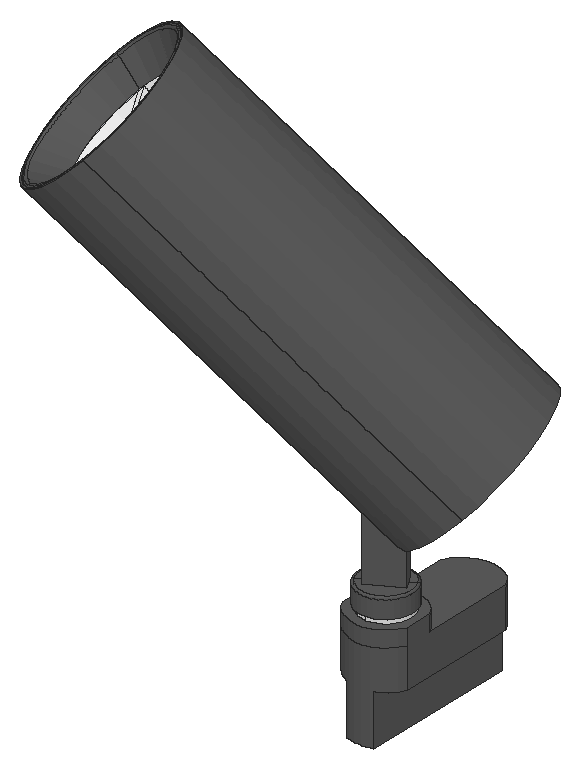
Revit family "0005451", category Lighting Fixtures, host Face, Revit 2017
Family settings
  Host = Face
  Round Connector Dimension = Use Diameter
  Part Type = Normal
  OmniClass Number = 23.80.70.00
  OmniClass Title = Lighting
  Cut with Voids When Loaded = No
  Light Source = No
  Shared = No
  Room Calculation Point = No
Parameters (values of type "0005451 PIXO LARGE 5200LM 940 NB MB WB BLK - 24 degree")
  Weight = "7.476 kg"
  Wattage Comments = ""
  WarrantyStartDate [instance] = "n/a"
  WarrantyGuarantorParts = "n/a"
  WarrantyDurationUnit = "n/a"
  WarrantyDurationParts = "n/a"
  WarrantyDescription = "n/a"
  Voltage = 0 V
  VerticalRotation_SYL [instance] = 60.00°
  VerticalEndAngle_SYL [instance] = VerticalRotation_SYL - 180.00°  # -120.00°
  URL = "http://www.sylvania-lighting.com"
  TypeName = "Pixo Large 5200lm 940 NB MB WB BLK"
  TypeHead_SYL = START Track Spot Integral Head : 0005451 24
  TypeArm_SYL = START Track Spot Integral Arm : START Track Spot Integral BL
  Type Image = <None>
  Type Comments = "n/a"
  SerialNumber [instance] = "n/a"
  Material_3_SYL = none
  PowerFactor = 0.9
  PowerConsumption = "54 W"
  NominalLength = 300 mm
  NominalHeight = 303 mm
  NominalDepth = 96 mm
  Name = "Pixo Large 5200lm 940 NB MB WB BLK"
  ModelReference = Name  # "Pixo Large 5200lm 940 NB MB WB BLK"
  ModelNumber = "0005451"
  Model = Name  # "Pixo Large 5200lm 940 NB MB WB BLK"
  Material = "n/a"
  ManufacturerName = "Feilo Sylvania"
  Manufacturer = "Feilo Sylvania"
  LuminousEfficacy = "97 lm/W"
  LuminaireType = ""
  LightOutputRatio = "n/a"
  LampsType = Lamp  # "LED"
  LampNominalLuminous = "5250 lm"
  LampMacAdamStep = "5"
  LampColourTemperature = "4000 K"
  LampColourRenderingIndex = "90"
  Lamp = "LED"
  Keynote = "16500"
  InstallationDate [instance] = "n/a"
  InputVoltage = "n/a"
  InputNominalFrequency = "n/a"
  IngressProtection = "IP20"
  ImpactProtectionIndex = "IK03"
  IfcExportType = "IfcLightFixtureType"
  IfcExportAs = "IfcLightFixtureType"
  HorizontalRotation_SYL [instance] = 45.00°
  ExpectedLife = 50000
  ElectricShockClassification = "Class I"
  DurationUnit = "hours"
  DocumentationLiterature = "http://www.sylvania-lighting.com/product/en-int/products/0005451"
  DimmingControlOptions = "n/a"
  Material_2_SYL = Spacer-Sylvania-StartTrackSpot-Aluminium
  Description = "Integrated LED spotlight, Textured Black - RAL9005, simple and slick integral design with no driver box and without any visible screws, ideal for retail applications, die-cast aluminium body, passive cooling heatsink. Beam angle: 36°, additional lenses 24° and 54° beam angle included, color temperature: 4000k , total system power: 54W, total fixture output: 5250 lm, LOR: 100%, colour rendering: Ra: 90 typical, LED Chromaticity: 3 step MacAdam ellipse, lifetime: >50000 hours at L70B50, energy class: A++, A+, A, IR/UV free light source without heat radiation, operating voltage: 220-240V / 50-60Hz, electronic driver, non-dimmable, ultra low LED flickering rate (5% or less), power factor: >0.90, electrical protection: Class I, Global Track 3 Circuit GA69 adapter suitable for Global trac 3-circuit tracks, ingress protection rating: IP20, suitable for internal environment only, horizontal rotation: 345°, vertical tilt: 90°, dimensions: Ø91x96x300, weight: 1,246kg."
  Default Elevation = 1219.2 mm
  CreatedOn = "9/9/2020"
  CreatedBy = "@sylvania-lighting.com"
  Cost = 0
  built-in parameter 1114216 [instance] = (empty or 0)
  ClassificationValue = "EF_70_80"
  ClassificationName = "Uniclass2015"
  Material_1_SYL = Body-Sylvania-StartTrackSpot-Black
  BarCode [instance] = "n/a"
  AssetType = "Fixed"
  AssetIdentifier [instance] = "n/a"
  Assembly Code = "D5020200"
  Apparent Load = 54 VA
  Material_4_SYL = none
Reference planes
  plane 1 "Center (Front/Back)": y = 0
  plane 2: z = 0
  plane 3 "Center (Left/Right)": x = 0
  plane 4: x = 16.6
  plane 5: x = -16.6
  plane 6: x = 7
  plane 7: x = -7
  plane 8: x = -12.8
  plane 9: y = 42
  plane 10: y = 42
  plane 11: y = -42
  plane 12: y = 31.4
  plane 13: y = -31.4
  plane 14: z = -26
  plane 15: z = 20.3
  plane 16: z = 28.5
  plane 17: z = 31.2
  plane 18: y = -17.4
  plane 19: y = -6.8
  plane 20: y = -24.4
Forms (mm)
  Extrusion 1, solid, material "Body-Sylvania-StartTrackSpot-Black" <- "Material_1_SYL"
    sketch origin (0, 0, 0) x (1, 0, 0) y (0, 1, 0)
      loop
        line (-16.6, 31.4) -> (-16.6, -31.4)
        arc (-16.6, -31.4) -> (0, -42) -> (16.6, -31.4) r 18.298
        line (16.6, -31.4) -> (16.6, 31.4)
        arc (16.6, 31.4) -> (0, 42) -> (-16.6, 31.4) r 18.298
    from -26 to 20.3
  Extrusion 2, void
    sketch origin (0, 0, 0) x (1, 0, 0) y (0, 1, 0)
      loop
        arc (-7, 40.608) -> (-12.666, 36.907) -> (-16.6, 31.4) r 18.298
        line (-16.6, 31.4) -> (-16.6, -31.4)
        arc (-16.6, -31.4) -> (-12.666, -36.907) -> (-7, -40.608) r 18.298
        line (-7, -40.608) -> (-7, 40.608)
      loop
        line (16.6, -31.4) -> (16.6, 31.4)
        arc (16.6, 31.4) -> (12.666, 36.907) -> (7, 40.608) r 18.298
        line (7, 40.608) -> (7, -40.608)
        arc (7, -40.608) -> (12.666, -36.907) -> (16.6, -31.4) r 18.298
    from 0 to -26
  Extrusion 3, solid, material "Body-Sylvania-StartTrackSpot-Black" <- "Material_1_SYL"
    sketch origin (1223.4, -4572, 20.3) x (0, -1, 0) y (-1, 0, 0)
      loop
        line (-4540.6, 1240) -> (-4554.6, 1240)
        arc (-4554.6, 1240) -> (-4565.2, 1223.4) -> (-4554.6, 1206.8) r 18.298
        line (-4554.6, 1206.8) -> (-4540.6, 1206.8)
        arc (-4540.6, 1206.8) -> (-4530, 1223.4) -> (-4540.6, 1240) r 18.298
    from -8.2 to 0
  Extrusion 4, solid, material "Spacer-Sylvania-StartTrackSpot-Aluminium" <- "Material_2_SYL"
    sketch origin (1223.4, -4572, 28.5) x (0, -1, 0) y (-1, 0, 0)
      loop
        circle (-4547.6, 1223.4) r 12.7
    from 0 to -2.7
  Revolve 5, solid, not visible
    sketch origin (1524, -24.4, 1219.2) x (1, 0, 0) y (0, 0, 1)
      loop
        line (-1524, -1188) -> (-1524, -1168.735) -> (-1531, -1168.735) -> (-1531, -1188) -> (-1524, -1188)
      axis (-1524, -1168.735) -> (-1524, -1188)
    angle from 60 <- "VerticalRotation_SYL" to -120 <- "VerticalEndAngle_SYL"
Cuts and joins
  Extrusion 2 cuts Extrusion 1
  joined: Extrusion 1, Extrusion 3
Lines and regions (mm)
  reference lines
    curve 1: circle (0, -24.4, 0) r 12.7 normal (0, 0, 1)
    curve 2: arc (-16.6, -31.4, 0) -> (0, -42, 0) -> (16.6, -31.4, 0) r 18.298
    curve 3: arc (-16.6, -17.4, 0) -> (0, -6.8, 0) -> (16.6, -17.4, 0) r 18.298
    curve 4: arc (-16.6, 31.4, 0) -> (0, 42, 0) -> (16.6, 31.4, 0) r 18.298
Dimensions and locks
  plane 6 to plane 3 "Center (Left/Right)" to plane 7 = 7 mm locked, 7 mm locked
  plane 4 to plane 3 "Center (Left/Right)" to plane 5 = 16.6 mm locked, 16.6 mm locked
  locked: plane 3 "Center (Left/Right)" to plane 8 at 12.8
  plane 11 to plane 1 "Center (Front/Back)" to plane 10 = 42 mm locked, 42 mm locked
  plane 13 to plane 1 "Center (Front/Back)" to plane 12 = 31.4 mm locked, 31.4 mm locked
  locked: plane 2 to plane 14 at 26
  locked: plane 15 to plane 2 at 20.3
  plane 17 to plane 16 to plane 15 = 2.7 mm locked, 8.2 mm locked
  locked: plane 13 to plane 18 at 14
  locked: plane 18 to plane 19 at 10.6
  equal spacing: plane 13, plane 20, plane 18
  locked: plane 20 to curve 2 at 0.698
  locked: curve 3 to plane 20 at 0.698
  aligned and locked: plane 2 to host face
  aligned and locked: level to host face
  aligned and locked: plane 3 "Center (Left/Right)" to curve 1
  aligned and locked: plane 20 to curve 1
  aligned and locked: plane 13 to curve 2  (x2)
  aligned and locked: plane 18 to curve 3  (x2)
  aligned and locked: plane 12 to curve 4  (x2)
  aligned and locked: plane 4 to curve 4
  aligned and locked: plane 3 "Center (Left/Right)" to curve 4
  aligned and locked: plane 5 to curve 2
  aligned and locked: plane 5 to curve 3
  aligned and locked: plane 4 to curve 3
  aligned and locked: plane 4 to curve 2
  aligned and locked: plane 12 to Extrusion 1 sketch curve
  aligned and locked: plane 13 to Extrusion 1 sketch curve
  aligned and locked: Extrusion 1 sketch curve to curve 4
  aligned and locked: Extrusion 1 sketch curve to curve 2
  aligned and locked: Extrusion 1 to plane 15
  aligned and locked: plane 14 to Extrusion 1
  aligned and locked: Extrusion 2 sketch curve to Extrusion 1  (x5)
  aligned and locked: Extrusion 2 sketch curve to plane 7
  aligned and locked: plane 14 to Extrusion 2
  aligned and locked: level to Extrusion 2
  aligned and locked: Extrusion 3 sketch curve to cut or joined group of Extrusion 1, Extrusion 2, Extrusion 3  (x2)
  aligned and locked: Extrusion 3 sketch curve to curve 3
  aligned and locked: cut or joined group of Extrusion 1, Extrusion 2, Extrusion 3 to Extrusion 3 sketch curve
  aligned and locked: Extrusion 3 to plane 16
  aligned and locked: plane 15 to Extrusion 3
  aligned and locked: Extrusion 4 sketch curve to curve 1
  aligned and locked: Extrusion 4 to plane 17
  aligned and locked: plane 16 to Extrusion 4
  aligned and locked: Revolve 5 sketch curve to plane 3 "Center (Left/Right)"
  aligned and locked: Extrusion 4 to Revolve 5 sketch curve
  aligned and locked: Revolve 5 sketch curve to Extrusion 4
  aligned and locked: plane 17 to nested 1
Automatic sketch dimensions
  host sketch curve to host sketch curve = 2438.4 mm  (x2)
  plane 12 to curve 4 = 7.698 mm
  plane 12 to Extrusion 2 sketch curve = 0 mm
  Extrusion 2 sketch curve to Extrusion 2 sketch curve = 0 mm  (x2)
  Extrusion 2 sketch curve to plane 6 = 0 mm
  Revolve 5 sketch curve to plane 7 = 0 mm
  Revolve 5 sketch curve to Revolve 5 sketch curve = 19.265 mm
  plane 14 to Revolve 5 sketch curve = 583.6 mm
  Revolve 5 sketch curve to Revolve 5 sketch curve = 2558.594 mm
  radius of curve 1 = 12.7 mm
Nested families
  nested 1: "START Track Spot Integral Arm" at (0, -24.4, 31.2) x (0, 0, -1) z (0.866, 0.5, 0), type <- "TypeArm_SYL", HorizontalRotation_SYL <- "HorizontalRotation_SYL", type "START Track Spot Integral BL"
    with HorizontalRotation_SYL 45.00°, HorizontalEndAngle_SYL -135.00°
  nested 2: "START Track Spot Integral Head" at (22.045, -11.672, 108.656) x (-0.5, 0.866, 0) z (0.6124, 0.3536, -0.7071), type <- "TypeHead_SYL", type "0005451 24"
    with built-in parameter 1114216 (empty or 0)
Connectors
  electrical at (0, 0, 0), driven by "Apparent Load", driven by "PowerFactor", driven by "Voltage"
    settings: index 1, voltage 0 V, apparent load 54 VA, apparent load phase1 0 VA, apparent load phase2 0 VA, apparent load phase3 0 VA, power factor 0.9, load classification "Lighting", number of poles 1, system type 30, power factor state 1, is connector primary yes, connector utility no, sub classification motor no, connector description ""
Definition of nested family "START Track Spot Integral Arm"
  Parameters (values of type "START Track Spot Integral WH")
    URL = "http://www.sylvania-lighting.com"
    Type Image = (empty or 0)
    Type Comments = "n/a"
    Material_3_SYL = none
    Model = ""
    Manufacturer = "Feilo Sylvania"
    Keynote = ""
    Material_2_SYL = none
    HorizontalRotation_SYL [instance] = 0.00°
    HorizontalEndAngle_SYL [instance] = HorizontalRotation_SYL - 180.00°  # -180.00°
    Description = ""
    Default Elevation = 1219.2 mm
    Cost = 0
    Material_1_SYL = none
    Assembly Code = ""
    Material_4_SYL = none
  Types (2): name
    START Track Spot Integral WH
    START Track Spot Integral BL
  Reference planes
    plane 1 "Center (Front/Back)": y = 0
    plane 2: z = 0
    plane 3 "Center (Left/Right)": x = 0
    plane 4: x = -10
    plane 5: z = -14
    plane 6: z = -14
    plane 7: z = 14
    plane 8: x = -52
    plane 9: z = 9
    plane 10: z = -9
    plane 11: x = -60
    plane 12: y = 4.5
    plane 13: y = -4.5
    plane 14: x = -9
    plane 15: z = 13
    plane 16: z = 4
    plane 17: z = -4
    plane 18: x = -55
  Forms (mm)
    Extrusion 1, solid
      sketch origin (4.2, 0, 0) x (1, 0, 0) y (0, 1, 0)
        loop
          line (-1219.2, 1219.2) -> (-1219.2, -1219.2) -> (1219.2, -1219.2) -> (1219.2, 1219.2) -> (-1219.2, 1219.2)
      from 0 to -68.017
    Revolve 2, solid, material <- "Material_1_SYL"
      sketch origin (0, 0, 0) x (1, 0, 0) y (0, 0, 1)
        loop
          line (0, 0) -> (0, 14) -> (-9, 14)
          arc (-9, 14) -> (-9.707, 13.707) -> (-10, 13) r 1
          line (-10, 13) -> (-10, 0) -> (0, 0)
        axis (-10, 0) -> (0, 0)
      angle from 360 to 0
    Extrusion 3, solid, material <- "Material_1_SYL"
      sketch origin (0, 0, 0) x (1, 0, 0) y (0, 0, 1)
        loop
          line (-10, 9) -> (-55, 9)
          arc (-55, 9) -> (-58.536, 7.536) -> (-60, 4) r 5
          line (-60, 4) -> (-60, -4)
          arc (-60, -4) -> (-58.536, -7.536) -> (-55, -9) r 5
          line (-55, -9) -> (-10, -9) -> (-10, 9)
      from -4.5 to 4.5
    Revolve 4, solid, not visible
      sketch origin (-52, -4572, 2609.058) x (0, 0, 1) y (0, -1, 0)
        loop
          line (-2609.058, -4553.46) -> (-2609.058, -4590.54) -> (-2605.058, -4590.54) -> (-2605.058, -4553.46) -> (-2609.058, -4553.46)
        axis (-2609.058, -4553.46) -> (-2609.058, -4590.54)
      angle from 0 <- "HorizontalRotation_SYL" to -180 <- "HorizontalEndAngle_SYL"
  Dimensions and locks
    locked: plane 3 "Center (Left/Right)" to plane 4 at 10
    plane 7 to plane 2 to plane 6 = 14 mm locked, 14 mm locked
    locked: plane 4 to plane 8 at 42
    plane 13 to plane 1 "Center (Front/Back)" to plane 12 = 4.5 mm locked, 4.5 mm locked
    locked: plane 14 to plane 4 at 1
    locked: plane 7 to plane 15 at 1
    locked: plane 9 to plane 16 at 5
    locked: plane 17 to plane 10 at 5
    equal spacing: Revolve 4 sketch curve, plane 1 "Center (Front/Back)", Revolve 4 sketch curve
    locked: Revolve 4 sketch curve to plane 1 "Center (Front/Back)" at 18.54
    locked: plane 18 to plane 11 at 5
    locked: plane 4 to plane 11 at 50
    aligned and locked: plane 2 to Extrusion 1
    aligned and locked: level to Extrusion 1
    aligned and locked: level to Revolve 2 sketch curve  (x2)
    aligned and locked: plane 3 "Center (Left/Right)" to Revolve 2 sketch curve
    aligned and locked: Revolve 2 sketch curve to plane 7
    aligned and locked: plane 4 to Revolve 2 sketch curve
    aligned and locked: plane 15 to Revolve 2 sketch curve
    aligned and locked: plane 14 to Revolve 2 sketch curve
    aligned and locked: Revolve 2 sketch curve to plane 2
    aligned and locked: Extrusion 3 sketch curve to plane 9
    aligned and locked: plane 4 to Extrusion 3 sketch curve
    aligned and locked: plane 10 to Extrusion 3 sketch curve
    aligned and locked: Extrusion 3 sketch curve to plane 11
    aligned and locked: plane 13 to Extrusion 3
    aligned and locked: Extrusion 3 to plane 12
    aligned and locked: plane 16 to Extrusion 3 sketch curve
    aligned and locked: plane 17 to Extrusion 3 sketch curve
    aligned and locked: Revolve 4 sketch curve to level
    aligned and locked: Revolve 4 sketch curve to plane 16
    aligned and locked: Revolve 4 sketch curve to plane 2
    aligned and locked: plane 18 to Extrusion 3 sketch curve  (x2)
Definition of nested family "START Track Spot Integral Head"
  Parameters (values of type "0005451 24")
    WidthCutOut_SYL = 9.5 mm  # constant formula
    Wattage Comments = "n/a"
    Wattage = 55 W
    built-in parameter 1150110 = 1 (stored number, unit not read)
    URL = "http://www.sylvania-lighting.com"
    Type Image = (empty or 0)
    Type Comments = "n/a"
    built-in parameter 1114217 = 1 (stored number, unit not read)
    Tilt Angle = 90.00°
    built-in parameter 1150109 = 1 (stored number, unit not read)
    built-in parameter 1150134 = 12
    built-in parameter 1150113 = 1 (stored number, unit not read)
    S_SYL = no
    RadiusLensOut_SYL = if(S_SYL, 21 mm, if(M_SYL, 30.5 mm, 33 mm))  # 33 mm
    RadiusLensHolder_SYL = 1.8 mm  # constant formula
    RadiusHead_SYL = if(S_SYL, 30 mm, if(M_SYL, 40 mm, 45.5 mm))  # 45.5 mm
    RadiusEmission_SYL = if(S_SYL, 8 mm, if(M_SYL, 16.5 mm, 16.5 mm))  # 16.5 mm
    Photometric Web File = "0005451_24.ies"
    built-in parameter 1150142 = "IESNA:LM-63-2002\r\n[TEST] 202010561\r\n[TESTLAB] \r\n[TESTDATE] 4 Jun 2020\r\n[ISSUEDATE] 4 Jun 2020\r\n[MANUFAC] Sylvania\r\n[LUMCAT] 202010561\r\n[LUMINAIRE] FT1081-B-4000£¨24¡ã£©\r\n[FLASHAREA] 0.001373\r\n[LAMPCAT] 202010561\r\n[LAMP] LED 54W - 50.49 W\r\nTILT=NONE\r\n1 4807.40 1.0 181 4 1 2 -0.085 -0.085 0.000\r\n1.00 1.00 50.49\r\n0.00 1.00 2.00 3.00 4.00 5.00 6.00 7.00 8.00 9.00 10.00 \r\n11.00 12.00 13.00 14.00 15.00 16.00 17.00 18.00 19.00 \r\n20.00 21.00 22.00 23.00 24.00 25.00 26.00 27.00 28.00 \r\n29.00 30.00 31.00 32.00 33.00 34.00 35.00 36.00 37.00 \r\n38.00 39.00 40.00 41.00 42.00 43.00 44.00 45.00 46.00 \r\n47.00 48.00 49.00 50.00 51.00 52.00 53.00 54.00 55.00 \r\n56.00 57.00 58.00 59.00 60.00 61.00 62.00 63.00 64.00 \r\n65.00 66.00 67.00 68.00 69.00 70.00 71.00 72.00 73.00 \r\n74.00 75.00 76.00 77.00 78.00 79.00 80.00 81.00 82.00 \r\n83.00 84.00 85.00 86.00 87.00 88.00 89.00 90.00 91.00 \r\n92.00 93.00 94.00 95.00 96.00 97.00 98.00 99.00 100.00 \r\n101.00 102.00 103.00 104.00 105.00 106.00 107.00 108.00 \r\n109.00 110.00 111.00 112.00 113.00 114.00 115.00 116.00 \r\n117.00 118.00 119.00 120.00 121.00 122.00 123.00 124.00 \r\n125.00 126.00 127.00 128.00 129.00 130.00 131.00 132.00 \r\n133.00 134.00 135.00 136.00 137.00 138.00 139.00 140.00 \r\n141.00 142.00 143.00 144.00 145.00 146.00 147.00 148.00 \r\n149.00 150.00 151.00 152.00 153.00 154.00 155.00 156.00 \r\n157.00 158.00 159.00 160.00 161.00 162.00 163.00 164.00 \r\n165.00 166.00 167.00 168.00 169.00 170.00 171.00 172.00 \r\n173.00 174.00 175.00 176.00 177.00 178.00 179.00 180.00 \r\n0.00 30.00 60.00 90.00 \r\n16579.71 18245.88 17972.35 17367.36 16585.44 15579.78 \r\n14562.99 13511.33 12483.70 11564.41 10676.25 9899.38 \r\n9107.12 8370.09 7623.02 6922.93 6273.97 5601.09 5021.18 \r\n4423.12 3891.10 3388.92 2929.66 2554.91 2221.03 1954.46 \r\n1721.99 1528.62 1343.36 1191.70 1058.82 933.84 826.87 \r\n725.01 640.27 563.25 498.93 441.99 391.83 352.32 317.28 \r\n284.22 258.56 236.83 219.01 202.11 189.15 176.59 165.41 \r\n156.24 147.67 140.37 133.35 127.45 122.06 117.27 112.60 \r\n108.31 104.36 99.98 95.14 90.52 86.66 82.38 77.08 70.97 \r\n64.82 57.25 50.97 46.16 40.92 34.96 29.81 25.14 20.33 \r\n16.84 14.14 11.49 8.86 6.64 4.47 2.57 0.98 0.24 0.05 0.03 \r\n0.03 0.03 0.03 0.03 0.03 0.03 0.03 0.03 0.03 0.03 0.03 \r\n0.04 0.04 0.04 0.04 0.05 0.05 0.06 0.06 0.07 0.07 0.09 \r\n0.09 0.09 0.10 0.00 0.00 0.00 0.00 0.00 0.00 0.00 0.00 \r\n0.00 0.00 0.00 0.00 0.00 0.00 0.00 0.00 0.00 0.00 0.00 \r\n0.00 0.00 0.00 0.00 0.00 0.00 0.00 0.00 0.00 0.00 0.00 \r\n0.00 0.00 0.00 0.00 0.00 0.00 0.00 0.00 0.00 0.00 0.00 \r\n0.00 0.00 0.00 0.00 0.00 0.00 0.00 0.00 0.00 0.00 0.00 \r\n0.00 0.00 0.00 0.00 0.00 0.00 0.00 0.00 0.00 0.00 0.00 \r\n0.00 0.00 0.00 0.00 0.00 0.00 0.00 \r\n16579.71 17535.20 17184.80 16635.50 15959.15 15133.93 \r\n14213.94 13284.72 12342.75 11459.17 10617.98 9807.43 \r\n9029.93 8282.51 7559.11 6861.07 6188.08 5541.91 4926.33 \r\n4351.99 3823.69 3362.81 2954.89 2572.03 2244.07 1963.98 \r\n1721.50 1518.54 1346.18 1190.03 1056.90 933.65 824.81 \r\n727.57 639.83 565.32 497.14 439.47 390.71 345.78 310.40 \r\n278.28 251.97 230.34 211.62 195.64 181.39 169.27 158.70 \r\n149.29 140.88 133.57 127.25 121.42 116.47 111.92 107.58 \r\n103.43 99.33 95.40 91.74 88.16 84.06 79.34 75.10 70.18 \r\n63.30 57.76 52.05 45.53 39.96 35.29 30.32 25.03 21.33 \r\n17.65 14.13 11.47 9.05 6.61 4.55 2.89 1.70 0.83 0.24 0.06 \r\n0.03 0.03 0.03 0.03 0.03 0.03 0.03 0.03 0.04 0.04 0.04 \r\n0.04 0.04 0.04 0.05 0.05 0.06 0.06 0.07 0.07 0.08 0.09 \r\n0.09 0.10 0.10 0.00 0.00 0.00 0.00 0.00 0.00 0.00 0.00 \r\n0.00 0.00 0.00 0.00 0.00 0.00 0.00 0.00 0.00 0.00 0.00 \r\n0.00 0.00 0.00 0.00 0.00 0.00 0.00 0.00 0.00 0.00 0.00 \r\n0.00 0.00 0.00 0.00 0.00 0.00 0.00 0.00 0.00 0.00 0.00 \r\n0.00 0.00 0.00 0.00 0.00 0.00 0.00 0.00 0.00 0.00 0.00 \r\n0.00 0.00 0.00 0.00 0.00 0.00 0.00 0.00 0.00 0.00 0.00 \r\n0.00 0.00 0.00 0.00 0.00 0.00 0.00 \r\n16579.71 16766.28 16428.01 15900.76 15262.22 14509.14 \r\n13688.16 12837.72 11989.43 11189.04 10397.21 9658.53 \r\n8903.00 8188.19 7475.07 6771.95 6115.05 5472.35 4882.32 \r\n4308.38 3785.80 3331.45 2903.55 2546.25 2227.13 1961.09 \r\n1738.65 1542.33 1373.57 1225.54 1087.56 960.93 852.84 \r\n752.17 660.91 581.84 512.85 453.59 399.88 355.97 317.71 \r\n284.38 257.18 233.88 214.79 197.76 183.56 170.63 159.61 \r\n149.87 141.52 134.32 127.86 122.20 117.04 112.41 108.21 \r\n104.20 100.51 96.67 93.10 89.76 86.00 81.45 76.78 71.68 \r\n65.36 59.10 53.28 47.45 41.62 36.41 31.38 26.10 21.62 \r\n17.85 14.48 11.65 9.19 6.88 4.74 3.00 1.72 0.82 0.28 0.08 \r\n0.03 0.03 0.03 0.03 0.03 0.03 0.03 0.03 0.03 0.04 0.04 \r\n0.04 0.04 0.04 0.05 0.05 0.06 0.06 0.07 0.08 0.08 0.08 \r\n0.09 0.09 0.10 0.00 0.00 0.00 0.00 0.00 0.00 0.00 0.00 \r\n0.00 0.00 0.00 0.00 0.00 0.00 0.00 0.00 0.00 0.00 0.00 \r\n0.00 0.00 0.00 0.00 0.00 0.00 0.00 0.00 0.00 0.00 0.00 \r\n0.00 0.00 0.00 0.00 0.00 0.00 0.00 0.00 0.00 0.00 0.00 \r\n0.00 0.00 0.00 0.00 0.00 0.00 0.00 0.00 0.00 0.00 0.00 \r\n0.00 0.00 0.00 0.00 0.00 0.00 0.00 0.00 0.00 0.00 0.00 \r\n0.00 0.00 0.00 0.00 0.00 0.00 0.00 \r\n16579.71 16466.64 16129.13 15598.80 14956.60 14208.44 \r\n13389.30 12570.68 11763.54 10998.80 10267.28 9544.52 \r\n8815.14 8111.15 7422.95 6751.71 6108.66 5471.77 4863.76 \r\n4295.73 3774.69 3307.20 2862.84 2504.36 2206.54 1956.98 \r\n1748.75 1556.82 1391.80 1243.14 1106.55 979.97 865.79 \r\n760.63 666.76 584.67 512.85 451.57 398.63 353.91 316.81 \r\n282.35 256.44 234.27 215.03 198.60 184.72 171.83 160.99 \r\n151.74 143.62 136.51 130.23 124.65 119.74 115.33 111.39 \r\n107.55 103.72 99.64 95.48 91.66 88.04 84.54 79.78 73.60 \r\n67.16 60.14 53.94 47.90 42.86 37.19 31.54 25.88 21.20 \r\n17.21 14.14 11.58 9.10 6.88 4.80 2.87 1.34 0.39 0.13 0.03 \r\n0.03 0.02 0.02 0.02 0.02 0.02 0.02 0.03 0.02 0.02 0.03 \r\n0.04 0.03 0.04 0.04 0.05 0.05 0.06 0.07 0.07 0.07 0.08 \r\n0.08 0.09 0.10 0.00 0.00 0.00 0.00 0.00 0.00 0.00 0.00 \r\n0.00 0.00 0.00 0.00 0.00 0.00 0.00 0.00 0.00 0.00 0.00 \r\n0.00 0.00 0.00 0.00 0.00 0.00 0.00 0.00 0.00 0.00 0.00 \r\n0.00 0.00 0.00 0.00 0.00 0.00 0.00 0.00 0.00 0.00 0.00 \r\n0.00 0.00 0.00 0.00 0.00 0.00 0.00 0.00 0.00 0.00 0.00 \r\n0.00 0.00 0.00 0.00 0.00 0.00 0.00 0.00 0.00 0.00 0.00 \r\n0.00 0.00 0.00 0.00 0.00 0.00 0.00 \r\n"
    Material_3_SYL = none
    Model = "ST TRK SPT INTGRL 5300LM 940 WB BLK"
    Manufacturer = "Feilo Sylvania"
    M_SYL = no
    built-in parameter 1150105 = 421.76 (stored number, unit not read)
    Lumens = 5300 lm
    built-in parameter 1150115 = 1 (stored number, unit not read)
    built-in parameter 1150137 = (empty or 0)
    built-in parameter 1150139 = (empty or 0)
    built-in parameter 1150112 = 1 (stored number, unit not read)
    built-in parameter 1150114 = 1 (stored number, unit not read)
    Lamp = "LED"
    Keynote = "16500"
    Material_2_SYL = none
    built-in parameter 1150132 = (empty or 0)
    built-in parameter 1150102 = (empty or 0)
    built-in parameter 1150107 = 4000 (stored number, unit not read)
    built-in parameter 1150138 = (empty or 0)
    built-in parameter 1150106 = 4.2176 (stored number, unit not read)
    Height_SYL = if(S_SYL, 160 mm, if(M_SYL, 200 mm, 215 mm))  # 215 mm
    Emit from Circle Diameter = RadiusLensOut_SYL * 2  # 66 mm
    Emit Shape Visible in Rendering = no
    built-in parameter 1150104 = 8.9525 (stored number, unit not read)
    DistRotateAxisY_SYL = 16.8 mm  # constant formula
    Dimming Lamp Color Temperature Shift = (empty or 0)
    Description = ""
    DepthLens_SYL = 1.25 * (RadiusHead_SYL - 1 mm - RadiusLensOut_SYL)  # 14.375 mm
    DepthEmission_SYL = Height_SYL / 6.4  # 33.594 mm
    DepthCutOut_SYL = WidthCutOut_SYL * 2  # 19 mm
    Default Elevation = 1219.2 mm
    Cost = 0
    Color Filter = 16777215
    built-in parameter 1114216 [instance] = (empty or 0)
    Material_1_SYL = none
    built-in parameter 1114218 = 1 (stored number, unit not read)
    built-in parameter 1150133 = 10 (stored number, unit not read)
    Assembly Code = "D5020200"
    Apparent Load = 55 VA
    Material_4_SYL = none
  Types (3, lengths in mm): name | Photometric Web File | built-in parameter 1150142
    0005451 24 | "0005451_24.ies" | "IESNA:LM-63-2002\r\n[TEST] 202010561\r\n[TESTLAB] \r\n[TESTDATE] 4 Jun 2020\r\n[ISSUEDATE] 4 Jun 2020\r\n[MANUFAC] Sylvania\r\n[LUMCAT] 202010561\r\n[LUMINAIRE] FT1081-B-4000£¨24¡ã£©\r\n[FLASHAREA] 0.001373\r\n[LAMPCAT] 202010561\r\n[LAMP] LED 54W - 50.49 W\r\nTILT=NONE\r\n1 4807.40 1.0 181 4 1 2 -0.085 -0.085 0.000\r\n1.00 1.00 50.49\r\n0.00 1.00 2.00 3.00 4.00 5.00 6.00 7.00 8.00 9.00 10.00 \r\n11.00 12.00 13.00 14.00 15.00 16.00 17.00 18.00 19.00 \r\n20.00 21.00 22.00 23.00 24.00 25.00 26.00 27.00 28.00 \r\n29.00 30.00 31.00 32.00 33.00 34.00 35.00 36.00 37.00 \r\n38.00 39.00 40.00 41.00 42.00 43.00 44.00 45.00 46.00 \r\n47.00 48.00 49.00 50.00 51.00 52.00 53.00 54.00 55.00 \r\n56.00 57.00 58.00 59.00 60.00 61.00 62.00 63.00 64.00 \r\n65.00 66.00 67.00 68.00 69.00 70.00 71.00 72.00 73.00 \r\n74.00 75.00 76.00 77.00 78.00 79.00 80.00 81.00 82.00 \r\n83.00 84.00 85.00 86.00 87.00 88.00 89.00 90.00 91.00 \r\n92.00 93.00 94.00 95.00 96.00 97.00 98.00 99.00 100.00 \r\n101.00 102.00 103.00 104.00 105.00 106.00 107.00 108.00 \r\n109.00 110.00 111.00 112.00 113.00 114.00 115.00 116.00 \r\n117.00 118.00 119.00 120.00 121.00 122.00 123.00 124.00 \r\n125.00 126.00 127.00 128.00 129.00 130.00 131.00 132.00 \r\n133.00 134.00 135.00 136.00 137.00 138.00 139.00 140.00 \r\n141.00 142.00 143.00 144.00 145.00 146.00 147.00 148.00 \r\n149.00 150.00 151.00 152.00 153.00 154.00 155.00 156.00 \r\n157.00 158.00 159.00 160.00 161.00 162.00 163.00 164.00 \r\n165.00 166.00 167.00 168.00 169.00 170.00 171.00 172.00 \r\n173.00 174.00 175.00 176.00 177.00 178.00 179.00 180.00 \r\n0.00 30.00 60.00 90.00 \r\n16579.71 18245.88 17972.35 17367.36 16585.44 15579.78 \r\n14562.99 13511.33 12483.70 11564.41 10676.25 9899.38 \r\n9107.12 8370.09 7623.02 6922.93 6273.97 5601.09 5021.18 \r\n4423.12 3891.10 3388.92 2929.66 2554.91 2221.03 1954.46 \r\n1721.99 1528.62 1343.36 1191.70 1058.82 933.84 826.87 \r\n725.01 640.27 563.25 498.93 441.99 391.83 352.32 317.28 \r\n284.22 258.56 236.83 219.01 202.11 189.15 176.59 165.41 \r\n156.24 147.67 140.37 133.35 127.45 122.06 117.27 112.60 \r\n108.31 104.36 99.98 95.14 90.52 86.66 82.38 77.08 70.97 \r\n64.82 57.25 50.97 46.16 40.92 34.96 29.81 25.14 20.33 \r\n16.84 14.14 11.49 8.86 6.64 4.47 2.57 0.98 0.24 0.05 0.03 \r\n0.03 0.03 0.03 0.03 0.03 0.03 0.03 0.03 0.03 0.03 0.03 \r\n0.04 0.04 0.04 0.04 0.05 0.05 0.06 0.06 0.07 0.07 0.09 \r\n0.09 0.09 0.10 0.00 0.00 0.00 0.00 0.00 0.00 0.00 0.00 \r\n0.00 0.00 0.00 0.00 0.00 0.00 0.00 0.00 0.00 0.00 0.00 \r\n0.00 0.00 0.00 0.00 0.00 0.00 0.00 0.00 0.00 0.00 0.00 \r\n0.00 0.00 0.00 0.00 0.00 0.00 0.00 0.00 0.00 0.00 0.00 \r\n0.00 0.00 0.00 0.00 0.00 0.00 0.00 0.00 0.00 0.00 0.00 \r\n0.00 0.00 0.00 0.00 0.00 0.00 0.00 0.00 0.00 0.00 0.00 \r\n0.00 0.00 0.00 0.00 0.00 0.00 0.00 \r\n16579.71 17535.20 17184.80 16635.50 15959.15 15133.93 \r\n14213.94 13284.72 12342.75 11459.17 10617.98 9807.43 \r\n9029.93 8282.51 7559.11 6861.07 6188.08 5541.91 4926.33 \r\n4351.99 3823.69 3362.81 2954.89 2572.03 2244.07 1963.98 \r\n1721.50 1518.54 1346.18 1190.03 1056.90 933.65 824.81 \r\n727.57 639.83 565.32 497.14 439.47 390.71 345.78 310.40 \r\n278.28 251.97 230.34 211.62 195.64 181.39 169.27 158.70 \r\n149.29 140.88 133.57 127.25 121.42 116.47 111.92 107.58 \r\n103.43 99.33 95.40 91.74 88.16 84.06 79.34 75.10 70.18 \r\n63.30 57.76 52.05 45.53 39.96 35.29 30.32 25.03 21.33 \r\n17.65 14.13 11.47 9.05 6.61 4.55 2.89 1.70 0.83 0.24 0.06 \r\n0.03 0.03 0.03 0.03 0.03 0.03 0.03 0.03 0.04 0.04 0.04 \r\n0.04 0.04 0.04 0.05 0.05 0.06 0.06 0.07 0.07 0.08 0.09 \r\n0.09 0.10 0.10 0.00 0.00 0.00 0.00 0.00 0.00 0.00 0.00 \r\n0.00 0.00 0.00 0.00 0.00 0.00 0.00 0.00 0.00 0.00 0.00 \r\n0.00 0.00 0.00 0.00 0.00 0.00 0.00 0.00 0.00 0.00 0.00 \r\n0.00 0.00 0.00 0.00 0.00 0.00 0.00 0.00 0.00 0.00 0.00 \r\n0.00 0.00 0.00 0.00 0.00 0.00 0.00 0.00 0.00 0.00 0.00 \r\n0.00 0.00 0.00 0.00 0.00 0.00 0.00 0.00 0.00 0.00 0.00 \r\n0.00 0.00 0.00 0.00 0.00 0.00 0.00 \r\n16579.71 16766.28 16428.01 15900.76 15262.22 14509.14 \r\n13688.16 12837.72 11989.43 11189.04 10397.21 9658.53 \r\n8903.00 8188.19 7475.07 6771.95 6115.05 5472.35 4882.32 \r\n4308.38 3785.80 3331.45 2903.55 2546.25 2227.13 1961.09 \r\n1738.65 1542.33 1373.57 1225.54 1087.56 960.93 852.84 \r\n752.17 660.91 581.84 512.85 453.59 399.88 355.97 317.71 \r\n284.38 257.18 233.88 214.79 197.76 183.56 170.63 159.61 \r\n149.87 141.52 134.32 127.86 122.20 117.04 112.41 108.21 \r\n104.20 100.51 96.67 93.10 89.76 86.00 81.45 76.78 71.68 \r\n65.36 59.10 53.28 47.45 41.62 36.41 31.38 26.10 21.62 \r\n17.85 14.48 11.65 9.19 6.88 4.74 3.00 1.72 0.82 0.28 0.08 \r\n0.03 0.03 0.03 0.03 0.03 0.03 0.03 0.03 0.03 0.04 0.04 \r\n0.04 0.04 0.04 0.05 0.05 0.06 0.06 0.07 0.08 0.08 0.08 \r\n0.09 0.09 0.10 0.00 0.00 0.00 0.00 0.00 0.00 0.00 0.00 \r\n0.00 0.00 0.00 0.00 0.00 0.00 0.00 0.00 0.00 0.00 0.00 \r\n0.00 0.00 0.00 0.00 0.00 0.00 0.00 0.00 0.00 0.00 0.00 \r\n0.00 0.00 0.00 0.00 0.00 0.00 0.00 0.00 0.00 0.00 0.00 \r\n0.00 0.00 0.00 0.00 0.00 0.00 0.00 0.00 0.00 0.00 0.00 \r\n0.00 0.00 0.00 0.00 0.00 0.00 0.00 0.00 0.00 0.00 0.00 \r\n0.00 0.00 0.00 0.00 0.00 0.00 0.00 \r\n16579.71 16466.64 16129.13 15598.80 14956.60 14208.44 \r\n13389.30 12570.68 11763.54 10998.80 10267.28 9544.52 \r\n8815.14 8111.15 7422.95 6751.71 6108.66 5471.77 4863.76 \r\n4295.73 3774.69 3307.20 2862.84 2504.36 2206.54 1956.98 \r\n1748.75 1556.82 1391.80 1243.14 1106.55 979.97 865.79 \r\n760.63 666.76 584.67 512.85 451.57 398.63 353.91 316.81 \r\n282.35 256.44 234.27 215.03 198.60 184.72 171.83 160.99 \r\n151.74 143.62 136.51 130.23 124.65 119.74 115.33 111.39 \r\n107.55 103.72 99.64 95.48 91.66 88.04 84.54 79.78 73.60 \r\n67.16 60.14 53.94 47.90 42.86 37.19 31.54 25.88 21.20 \r\n17.21 14.14 11.58 9.10 6.88 4.80 2.87 1.34 0.39 0.13 0.03 \r\n0.03 0.02 0.02 0.02 0.02 0.02 0.02 0.03 0.02 0.02 0.03 \r\n0.04 0.03 0.04 0.04 0.05 0.05 0.06 0.07 0.07 0.07 0.08 \r\n0.08 0.09 0.10 0.00 0.00 0.00 0.00 0.00 0.00 0.00 0.00 \r\n0.00 0.00 0.00 0.00 0.00 0.00 0.00 0.00 0.00 0.00 0.00 \r\n0.00 0.00 0.00 0.00 0.00 0.00 0.00 0.00 0.00 0.00 0.00 \r\n0.00 0.00 0.00 0.00 0.00 0.00 0.00 0.00 0.00 0.00 0.00 \r\n0.00 0.00 0.00 0.00 0.00 0.00 0.00 0.00 0.00 0.00 0.00 \r\n0.00 0.00 0.00 0.00 0.00 0.00 0.00 0.00 0.00 0.00 0.00 \r\n0.00 0.00 0.00 0.00 0.00 0.00 0.00 \r\n"
